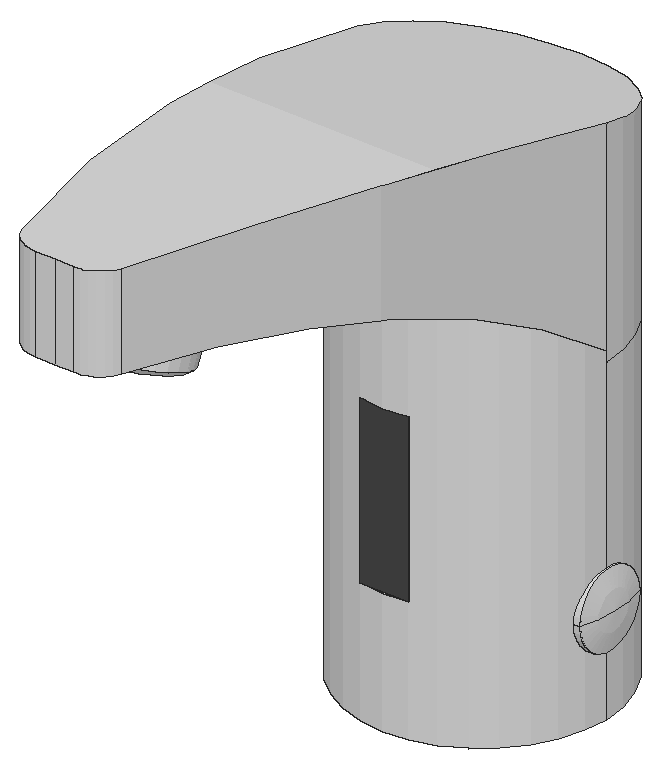
Revit family "Plumbing-Faucet-Sloan-Valve-EAF-350_", category Plumbing Fixtures, host Face, Revit 2022
Family settings
  Host = Face
  Round Connector Dimension = Use Diameter
  Part Type = Normal
  OmniClass Number = 23.45.55.14
  OmniClass Title = Single Faucets
  Cut with Voids When Loaded = No
  Maintain Annotation Orientation = No
  Shared = No
  Room Calculation Point = No
Parameters (values of type "Not a Type - Load Type Catalog!")
  z_Mixing Lever [instance] = and([Hot/Cold Water Supply], Mixing Lever)  # yes
  z_Connector Position [instance] = if([Hot/Cold Water Supply], 1" / 4, 0")  # 1/4"
  Water Flow = 0.35 GPM
  z_Array No 01 [instance] = if([Hot/Cold Water Supply], 3, 2)  # 3
  Width = 2 33/256"  # constant formula
  Water Connector Description [instance] = if([Hot/Cold Water Supply], "Cold Water Connection", "Pretempered Water Supply Connection")  # "Cold Water Connection"
  Waste Connection = no
  WFU = 0
  Version = 2
  Vent Connection = no
  Valve Pressure Drop = 0.00 psi
  URL = "www.sloanvalve.com"
  Product data url = "https://bimobject.com/sloan_valve/product/faucets_optima_EAF-350"
  Product Material = Sloan Valve - Finish - Polished Chrome
  Pretempered Water Supply [instance] = not([Hot/Cold Water Supply])  # no
  Part Number = "3335160"
  Model = "Model not specified - Load type catalog!"
  Mixing Lever [instance] = yes
  Manufacturer = "Sloan Valve"  # constant formula
  Keynote = "15410"
  Hot/Cold Water Supply [instance] = yes
  Hot Water Connector Description = "Hot Water Connection"  # constant formula
  Hot Water Connection Diameter = 3/8"  # constant formula
  Height = 5 41/256"  # constant formula
  HWFU = 1.5
  HW Connection = yes
  Edition number = 1
  Description = "Battery Power Supply, Mixer Not Included, Polished Chrome Finish, 0.35 gpm, Multi-Laminar Spray, Infrared Sensor, Optima® BatteryPowered Deck-Mounted Mid Body."
  Depth = 5 161/256"  # constant formula
  Default Elevation = 0"
  Date Updated = "09.12.2024"  # constant formula
  Date Created = ""
  Cold Water Connection Diameter = 3/8"  # constant formula
  CWFU = 1.5
  CW Connection = yes
  Assembly Code = "D2010"
Reference planes (in)
  plane 1 "Center (Front/Back)": y = 0
  plane 2: z = 0
  plane 3 "Center (Left/Right)": x = 0
  plane 4: x = -0.25
  plane 5: x = 0.25
Forms (in)
  Extrusion 1, solid, not visible
    sketch origin (0, 0, 0) x (1, 0, 0) y (0, 1, 0)
      loop
        circle (0, 0.32617) r 0.10923
    from 0 to -0.07156
  Extrusion 2, solid, not visible
    sketch origin (0, 0, 0) x (1, 0, 0) y (0, 1, 0)
      loop
        circle (0, 0.32617) r 0.10923
    from 0 to -0.07156
  Extrusion 3, solid, not visible
    sketch origin (0, 0, 0) x (1, 0, 0) y (0, 1, 0)
      loop
        circle (0, 0.32617) r 0.10923
    from 0 to -0.07156
Dimensions and locks (in)
  locked: plane 3 "Center (Left/Right)" to plane 4 at 0.25
  "z_Connector Position": plane 5 to plane 3 "Center (Left/Right)"
  equal spacing: group 3, group 2, group 1
  equal spacing: group 1, group 2, group 3  (x2)
  equal spacing: group 4, group 5, group 6  (x3)
  aligned and locked: plane 2 to host face
  aligned and locked: level to host face
  aligned and locked: plane 4 to nested 4
  aligned and locked: plane 5 to nested 3
  aligned and locked: plane 1 "Center (Front/Back)" to nested 2
  aligned and locked: plane 1 "Center (Front/Back)" to nested 4
Automatic sketch dimensions
  host sketch curve to host sketch curve = 96"  (x2)
  radius of Extrusion 1 sketch curve = 0.10923"
  radius of Extrusion 2 sketch curve = 0.10923"
  radius of Extrusion 3 sketch curve = 0.10923"
Nested families (in)
  nested 1: "Geometry" at (0.00781, 0.16839, 0), Finish <- "Product Material", type "Geometry"
    with Finish Sloan Valve - Finish - Polished Chrome
  nested 2: "Connection" at (0.75, 0, 0), type "Connection"
  nested 3: "Connection" at (0.25, 0, 0), type "Connection"
  nested 4: "Connection" at (-0.25, 0, 0), type "Connection"
Connectors (in)
  piping at (0.25, 0, 0), diameter 0.375, driven by "Cold Water Connection Diameter", driven by "CWFU", driven by "Valve Pressure Drop", driven by "Water Flow", driven by "Water Connector Description"
    settings: on nested 3, index 1, connector inside diameter 24", connector length 0", flow factor 0, pipe flow 0.35 GPM, pressure drop 0.00 psi, fitting loss kfactor 0, connector angle 0.00°, fixture units 1.5, engagement length 0", angle of deflection 0.00°, flow configuration 1, flow direction 1, fitting loss method 4, system type 20, joint type 0, gender type 0, connector reference index -1, connector utility 0, adjustable connector no, is connector primary yes, connector description "Cold Water Connection"
  piping at (-0.25, 0, 0), diameter 0.375, driven by "Hot Water Connection Diameter", driven by "HWFU", driven by "Valve Pressure Drop", driven by "Water Flow", driven by "Hot Water Connector Description"
    settings: on nested 4, index 2, connector inside diameter 24", connector length 0", flow factor 0, pipe flow 0.35 GPM, pressure drop 0.00 psi, fitting loss kfactor 0, connector angle 0.00°, fixture units 1.5, engagement length 0", angle of deflection 0.00°, flow configuration 1, flow direction 1, fitting loss method 4, system type 19, joint type 0, gender type 0, connector reference index -1, connector utility 0, adjustable connector no, is connector primary no, connector description "Hot Water Connection"
Definition of nested family "Geometry"
  Parameters (values of type "Geometry")
    Width = 1 115/128"
    Waste Connection = no
    Vent Connection = no
    URL = ""
    Product URL = ""
    Product Documentation Link = ""
    Model = ""
    Manufacturer = ""
    Length = 5 215/256"
    Installation Type = ""
    Height = 3 109/128"
    HW Connection = yes
    Flow Rates = ""
    Finish [instance] = none
    Description = ""
    Default Elevation = 0"
    CW Connection = yes
    Assembly Code = ""
  Reference planes (in)
    plane 1 "Center (Front/Back)": y = -0.16839
    plane 2: z = 0
    plane 3 "Center (Left/Right)": x = 0
    plane 4: y = -4.2876
    plane 5: x = -1.38281
    plane 6: x = 1.36719
    plane 7: z = -0.03125
    plane 8: y = 1.21295
    plane 9: y = -1.54302
    plane 10: y = -4.72455
    plane 11: z = 3.22835
    plane 12: z = 5.15625
    plane 13: x = -0.94301
    plane 14: x = 0.94302
    plane 15: y = 0.77801
    plane 16: z = 5.71118
    plane 17: z = 5.43371
  Forms (in)
    Extrusion 1, solid, not visible
      sketch origin (0, 0.9464, 0.32134) x (1, 0, 0) y (0, 1, 0)
        loop
          circle (0, -1.11479) r 0.1875
      from -0.35259 to -0.32134
    Blend 2, void
      base sketch origin (6.85707, -0.18153, 0.32134) x (1, 0, 0) y (0, 0, 1)
        loop
          line (-7.06334, 2.15306) -> (-7.06334, 0.73574) -> (-6.65081, 0.73574) -> (-6.65081, 2.15306) -> (-7.06334, 2.15306)
      top sketch origin (6.85707, -0.18153, 0.32134) x (1, 0, 0) y (0, 0, 1)
        loop
          line (-6.65081, 0.73574) -> (-6.65081, 2.15306) -> (-7.06334, 2.15306) -> (-7.06334, 0.73574) -> (-6.65081, 0.73574)
      from 1.39978 to 1.00707
    Extrusion 3, solid
      sketch origin (6.85707, -1.18859, 0.32134) x (1, 0, 0) y (0, 0, 1)
        loop
          line (-7.06334, 0.73574) -> (-6.65081, 0.73574) -> (-6.65081, 2.15306) -> (-7.06334, 2.15306) -> (-7.06334, 0.73574)
      from 0 to 0.02673
    Extrusion 4, solid, material <- "Finish"
      sketch origin (0, 0, 0) x (1, 0, 0) y (0, 1, 0)
        loop
          circle (0, -0.16839) r 1.06299
      from 0 to 3.82029
    Extrusion 5, solid, material <- "Finish"
      sketch origin (0, 0, 0) x (1, 0, 0) y (0, 1, 0)
        loop
          line (0, -4.73532) -> (0.16378, -4.73532)
          arc (0.16378, -4.73532) -> (0.322, -4.68688) -> (0.42598, -4.55815) r 0.28261
          arc (0.42598, -4.55815) -> (0.90291, -2.38626) -> (1.06299, -0.16839) r 15.44393
          arc (1.06299, -0.16839) -> (0.75165, 0.58326) -> (0, 0.8946) r 1.06299
          arc (0, 0.8946) -> (-0.75165, 0.58326) -> (-1.06299, -0.16839) r 1.06299
          arc (-1.06299, -0.16839) -> (-0.90291, -2.38626) -> (-0.42598, -4.55815) r 15.44393
          arc (-0.42598, -4.55815) -> (-0.322, -4.68688) -> (-0.16378, -4.73532) r 0.28261
          line (-0.16378, -4.73532) -> (0, -4.73532)
      from 2.73886 to 5.43371
    Extrusion 6, void
      sketch origin (0, 0, 0) x (0, 1, 0) y (0, 0, 1)
        loop
          line (1.21295, 4.25197) -> (1.21295, 5.71118) -> (-4.86897, 5.71118) -> (-4.86897, 5.15625) -> (-4.73532, 5.15625)
          arc (-4.73532, 5.15625) -> (-1.87744, 4.92875) -> (0.90846, 4.25197) r 18.06404
          line (0.90846, 4.25197) -> (1.21295, 4.25197)
      from -1.38281 to 1.36719
    Extrusion 7, void
      sketch origin (0, 0, 0) x (0, 1, 0) y (0, 0, 1)
        loop
          line (-4.72455, 4.34855) -> (-5.51688, 4.34855) -> (-5.51688, 2.53447) -> (-0.16839, 2.53447) -> (-0.16839, 2.82627)
          arc (-0.16839, 2.82627) -> (-2.32268, 3.95791) -> (-4.72455, 4.34855) r 7.57942
      from -1.38281 to 1.36719
    Revolve 8, solid, material <- "Finish"
      sketch origin (0, 0, 0) x (0, 1, 0) y (0, 0, 1)
        loop
          line (-4.28397, 4.6592) -> (-4.40223, 4.2724) -> (-4.36999, 4.22277) -> (-3.9687, 4.07671) -> (-3.81837, 4.48974) -> (-4.28397, 4.6592)
        axis (-3.9687, 4.07671) -> (-3.81837, 4.48974)
      angle from 0 to 360
    Revolve 9, solid, material <- "Finish"
      sketch origin (-0.00842, 0.78904, 0.84646) x (1, 0, 0) y (0, 1, 0)
        loop
          line (1.06299, -0.9464) -> (1.13793, -0.9464)
          arc (1.13793, -0.9464) -> (1.12562, -0.78505) -> (1.08895, -0.62744) r 1.06299
          line (1.08895, -0.62744) -> (1.01401, -0.62744)
          arc (1.01401, -0.62744) -> (1.05068, -0.78505) -> (1.06299, -0.9464) r 1.06299
        axis (1.01401, -0.9464) -> (1.13793, -0.9464)
      angle from 0 to 360
  Cuts and joins
    Blend 2 cuts Extrusion 4
    Extrusion 6, Extrusion 7 cuts Extrusion 5
    joined: Extrusion 4, Extrusion 5
  Lines and regions (in)
    Masking region 1
      outline origin (0, 0, 0) x (1, 0, 0) y (0, 1, 0)
        loop
          arc (1.01047, 0.1616) -> (0.62417, 0.69206) -> (0, 0.8946) r 1.06299
          arc (0, 0.8946) -> (-0.75165, 0.58326) -> (-1.06299, -0.16839) r 1.06299
          arc (-1.06299, -0.16839) -> (-0.90291, -2.38626) -> (-0.42598, -4.55815) r 15.44393
          arc (-0.42598, -4.55815) -> (-0.322, -4.68688) -> (-0.16378, -4.73532) r 0.28261
          line (-0.16378, -4.73532) -> (0, -4.73532) -> (0.16378, -4.73532)
          arc (0.16378, -4.73532) -> (0.322, -4.68688) -> (0.42598, -4.55815) r 0.28261
          arc (0.42598, -4.55815) -> (0.88004, -2.53853) -> (1.05992, -0.47632) r 15.44393
          line (1.05992, -0.47632) -> (1.09135, -0.47632)
          arc (1.09135, -0.47632) -> (1.12965, -0.15736) -> (1.09135, 0.1616) r 1.34743
          line (1.09135, 0.1616) -> (1.01047, 0.1616)
    symbolic lines, detail levels medium+fine
      curve 1: arc (1.01047, 0.1616, 0) -> (1.062, -0.15528, 0) -> (1.05992, -0.47632, 0) r 1.91734
  Dimensions and locks (in)
    plane 6 to plane 5 = 2 3/4"
    locked: level to plane 7 at 0.03125
    plane 8 to plane 10 = 5 15/16"
    plane 12 to level = 5 5/32"
    locked: plane 16 to plane 12 at 0.55493
    equal spacing: plane 16, plane 17, plane 12
    locked: Extrusion 3 sketch curve to Extrusion 3 sketch curve at 0.41253
    equal spacing: Extrusion 3 sketch curve, plane 3 "Center (Left/Right)", Extrusion 3 sketch curve
    locked: Extrusion 3 sketch curve to level at 1.05709
    locked: Extrusion 3 sketch curve to Extrusion 3 sketch curve at 1.41732
    aligned and locked: Extrusion 5 sketch curve to Extrusion 4
    aligned and locked: plane 17 to Extrusion 5
    aligned and locked: Extrusion 6 to plane 5
    aligned and locked: plane 6 to Extrusion 6
    aligned and locked: Extrusion 7 to plane 5
    aligned and locked: plane 6 to Extrusion 7
    aligned and locked: plane 1 "Center (Front/Back)" to Extrusion 7 sketch curve
    aligned and locked: Revolve 8 sketch curve to Revolve 8 sketch curve
    aligned and locked: Revolve 9 sketch curve to Revolve 9 sketch curve
    aligned and locked: Masking region 1 sketch curve to cut or joined group of Blend 2, Extrusion 4, Extrusion 5, Extrusion 6, Extrusion 7  (x7)
  Automatic sketch dimensions
    Extrusion 1 sketch curve to plane 3 "Center (Left/Right)" = 0"
    Extrusion 1 sketch curve to plane 15 = 0.9464"
    plane 1 "Center (Front/Back)" to Extrusion 4 sketch curve = 0"
    Extrusion 4 sketch curve to plane 3 "Center (Left/Right)" = 0"
    Extrusion 6 sketch curve to plane 16 = 0"
    Extrusion 6 sketch curve to plane 12 = 0"
    Extrusion 6 sketch curve to plane 8 = 0"
    Extrusion 6 sketch curve to plane 10 = 0.01076"
    Extrusion 6 sketch curve to plane 10 = 0.14441"
    Extrusion 6 sketch curve to plane 12 = 0.90428"
    plane 15 to Extrusion 6 sketch curve = 0.13045"
    Extrusion 5 sketch curve to Extrusion 5 sketch curve = 0"  (x3)
    Extrusion 5 sketch curve to plane 3 "Center (Left/Right)" = 0"
    Extrusion 5 sketch curve to plane 5 = 12.99812"
    Extrusion 5 sketch curve to plane 3 "Center (Left/Right)" = 0.16378"
    plane 3 "Center (Left/Right)" to Extrusion 5 sketch curve = 0.16378"
    plane 6 to Extrusion 5 sketch curve = 13.01375"
    plane 4 to Extrusion 5 sketch curve = 0.1651"  (x2)
    Extrusion 5 sketch curve to plane 10 = 0.01076"
    plane 10 to Extrusion 5 sketch curve = 0.1664"
    Extrusion 7 sketch curve to plane 10 = 0"
    Extrusion 7 sketch curve to plane 10 = 0.79232"
    Extrusion 7 sketch curve to plane 7 = 3.19962"
    Extrusion 7 sketch curve to plane 11 = 0.69388"
    Extrusion 7 sketch curve to Extrusion 7 sketch curve = 0.2918"
    plane 4 to Revolve 8 sketch curve = 0.11462"
    Revolve 8 sketch curve to Revolve 8 sketch curve = 0.03223"
    Revolve 8 sketch curve to plane 4 = 0.00363"
    Revolve 8 sketch curve to plane 4 = 0.3189"
    Revolve 8 sketch curve to Revolve 8 sketch curve = 0.15033"
    plane 11 to Revolve 8 sketch curve = 0.84836"
    Revolve 8 sketch curve to Revolve 8 sketch curve = 0.14606"
    Revolve 8 sketch curve to Revolve 8 sketch curve = 0.04963"
    Revolve 8 sketch curve to Revolve 8 sketch curve = 0"
    Revolve 8 sketch curve to Revolve 8 sketch curve = 0.03452"
    Blend 2 sketch curve to plane 3 "Center (Left/Right)" = 0.20626"  (x2)
    plane 3 "Center (Left/Right)" to Blend 2 sketch curve = 0.20626"  (x2)
    level to Blend 2 sketch curve = 1.05709"  (x2)
    Blend 2 sketch curve to plane 11 = 0.75394"  (x2)
    Revolve 9 sketch curve to plane 3 "Center (Left/Right)" = 0.00842"
    Revolve 9 sketch curve to plane 1 "Center (Front/Back)" = 0.01103"
    plane 3 "Center (Left/Right)" to Revolve 9 sketch curve = 0.06652"
    plane 14 to Revolve 9 sketch curve = 0.06257"
    Revolve 9 sketch curve to Revolve 9 sketch curve = 0.04898"
    Revolve 9 sketch curve to Revolve 9 sketch curve = 0.07494"
    Revolve 9 sketch curve to Revolve 9 sketch curve = 0"
    Revolve 9 sketch curve to Revolve 9 sketch curve = 0.01998"
    Masking region 1 sketch curve to plane 3 "Center (Left/Right)" = 0"  (x2)
    Masking region 1 sketch curve to plane 1 "Center (Front/Back)" = 0.01103"
    Masking region 1 sketch curve to plane 3 "Center (Left/Right)" = 0.21778"
    plane 14 to Masking region 1 sketch curve = 0.06746"
    Masking region 1 sketch curve to Masking region 1 sketch curve = 0.03143"
    plane 14 to Masking region 1 sketch curve = 0.14834"
    plane 13 to curve 1 = 0.0934"
    plane 1 "Center (Front/Back)" to curve 1 = 0.13507"
    plane 14 to curve 1 = 0.06746"
    plane 14 to curve 1 = 0.11691"
    plane 1 "Center (Front/Back)" to curve 1 = 0.30793"
    radius of Extrusion 1 sketch curve = 3/16"
    radius of Extrusion 4 sketch curve = 1.06299"
Definition of nested family "Connection"
  Parameters (values of type "Connection")
    Default Elevation = 48"
  Reference planes (in)
    plane 1 "Center (Front/Back)": y = 0
    plane 2: z = 0
    plane 3 "Center (Left/Right)": x = 0
  Forms (in)
    Extrusion 1, solid
      sketch origin (0, 0, 0) x (1, 0, 0) y (0, 1, 0)
        loop
          line (-48, 48) -> (-48, -48) -> (48, -48) -> (48, 48) -> (-48, 48)
      from 0 to -12
    Extrusion 2, solid, not visible
      sketch origin (0, 0, 0) x (1, 0, 0) y (0, 1, 0)
        loop
          circle (0, 0) r 0.19685
      from 0 to -0.34945
  Dimensions and locks (in)
    aligned and locked: plane 2 to Extrusion 1
    aligned and locked: level to Extrusion 1
